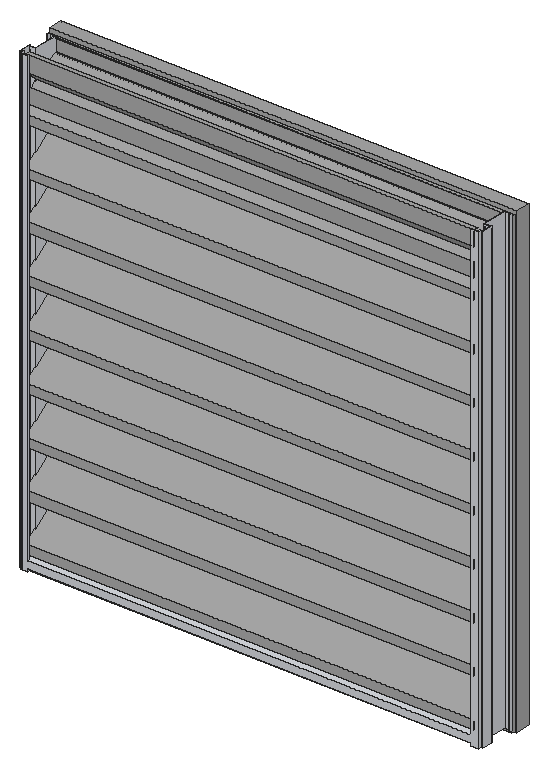
Revit family
Parameters
  Weight = "4 lb/sq.ft."  # constant formula
  Warranty = "All materials and workmanship are warranted for a period of 1 year from date of completion."  # constant formula
  URL = "http://www.industriallouvers.com"
  Surface Finish = "Aluminum, Anodized, or Kynar finish"  # constant formula
  Support Material = Aluminum
  Subcategory = "Fixed Extruded Non-Drainable "  # constant formula
  Static Pressure Loss = ".15\" of water gage @ an air flow of 893.2 FPM free area velocity"
  Specifications  URL = "http://www.industriallouvers.com/downloads/Extruded%20Non-Drainable/455XP_SD.doc"
  Screen Material = Screen Material
  SMARTBIM URL = "http://www.SMARTBIM.com"
  SMARTBIM Object Version = 3  # constant formula
  SMARTBIM Object Created By = "SMARTBIM, LLC"  # constant formula
  SMARTBIM Contact = "mailto:SMARTBIM@SMARTBIM.com"
  Product Submittal URL = "http://www.industriallouvers.com/downloads/Extruded%20Non-Drainable/455XP_PS.pdf"
  Product Page URL = "http://www.industriallouvers.com/lv_fend.php"
  Number of Blades [instance] = (Louver Height - 0' 5 1/2") / 0' 5"  # 9
  Model = "455XP "  # constant formula
  Minimum Height = 1' - 0"  # constant formula
  Maximum Water Penetration = ".01 oz at an air flow of 858.7 FPM"  # constant formula
  Maximum Size - Single Section [instance] = "One dimension not to exceed 78\" or 300 lbs"
  Material = "Aluminum"  # constant formula
  Manufacturer Toll Free Phone = "1-800-328-3421"  # constant formula
  Manufacturer Phone = "763-972-2981"  # constant formula
  Manufacturer Fax = "763-972-2911"  # constant formula
  Manufacturer Email = "mailto:ilinfo@industriallouvers.com"
  Manufacturer Address = "511 S. 7th Street, Delano, MN 55328"  # constant formula
  Manufacturer = "Industrial Louvers, Inc."  # constant formula
  Maintenance = "http://www.industriallouvers.com/prod-forms/Maintenance%20Instructions.pdf"
  Louver Width [instance] = 4' - 0"
  Louver Height [instance] = 4' - 0"
  Installation URL = "http://www.industriallouvers.com/downloads/Extruded%20Non-Drainable/455XP_II.pdf"
  Height [instance] = if(Louver Height < 1' 0", 1' 0", Louver Height)  # 4' - 0"
  Free Area for 48”x48” Louver = "52.4%"  # constant formula
  Free Area (ft²) for 48" x 48" Louver = "8.38"  # constant formula
  Frame Material = Aluminum
  Description = "Fixed Extruded Non-Drainable "  # constant formula
  Depth = 0' - 4"  # constant formula
  Default Elevation = 4' - 0"
  Cost Info = "Contact Factory"  # constant formula
  CAD Drawings = "http://www.industriallouvers.com/downloads/Extruded%20Non-Drainable/455XP_ACD.dwg"
  Blade Width [instance] = Louver Width - 0' 1 1/2"  # 3' - 10 1/2"
  Blade Start Height [instance] = (Louver Height - 0' 4 1/2" - Blade Region Height) / 2  # 0' - 1 3/4"
  Blade Region Height [instance] = (Blade Count - 1) * 0' 5"  # 3' - 4"
  Blade Material = Aluminum
  Blade Count [instance] = if(((Louver Height - 0' 5 1/2") / 0' 5") < 2, 2, (Louver Height - 0' 5 1/2") / 0' 5")  # 9
  Assembly Code = "B2010300"
  95 CSI = "10200"  # constant formula
  04 CSI = "08 91 00"  # constant formula
Reference planes (in)
  plane 1 "Center (Front/Back)": y = 0
  plane 2: z = 0
  plane 3 "Center (Left/Right)": x = 0
  plane 4: x = -24
  plane 5: x = 24
  plane 6: x = -23.25
  plane 7: x = 23.25
  plane 8 "Back of Blade": y = 2
  plane 9: z = 1.75
  plane 10: z = 41.75
  plane 11: z = 48.5
  plane 12 "Back of Screen": y = 2.345
  plane 13: z = 47
  plane 14: z = 1.5
  plane 15: y = 2.47
  plane 16: z = 48.375
  plane 17: z = 0.125
  plane 18: y = 3.845
  plane 19 "Front of Louver": y = -2
  plane 20: z = 48.25
  plane 21: z = 0.25
  plane 22: z = 21.75
  plane 23: x = -24.25
  plane 24: x = 24.25
  plane 25: z = 48
Forms (in)
  Extrusion 1, solid, material "Aluminum" <- "Blade Material"
    sketch origin (0, -24, 12.25956) x (0, 1, 0) y (0, 0, 1)
      loop
        line (22.081, 33.00458) -> (22.081, 31.47297) -> (24.00309, 33.76363) -> (26, 34.49044) -> (26, 35.99044) -> (25.75, 35.99044) -> (25.75, 35.90944) -> (25.919, 35.90944) -> (25.919, 34.54716) -> (23.95499, 33.83232) -> (23.39548, 33.16551) -> (22.162, 34.39899) -> (22.162, 35.90944) -> (22.581, 35.90944) -> (22.581, 35.99044) -> (22.081, 35.99044) -> (22.081, 34.36544) -> (23.34321, 33.10323) -> (22.162, 31.69551) -> (22.162, 32.92358) -> (22.081, 33.00458)
    from -23.25 to 23.25
  Sweep 2, solid, material "Aluminum" <- "Support Material"
    path origin (0, 0, 0) x (1, 0, 0) y (0, 0, 1)
      loop
        line (-24.25, 48.5) -> (-24.25, 0) -> (24.25, 0) -> (24.25, 48.5) -> (-24.25, 48.5)
    profile origin (0, 0, 48.5) x (0, 0, 1) y (0, -1, 0)
      loop
        line (-1.5, -2.345) -> (-1.5, -2.47) -> (-0.125, -2.47) -> (-0.125, -3.845) -> (0, -3.845) -> (0, -2.345) -> (-1.5, -2.345)
  Extrusion 3, solid
    sketch origin (-10, 22.75594, 29.61826) x (1, 0, 0) y (0, 1, 0)
      loop
        line (33.331, -20.83694) -> (33.919, -20.83694) -> (33.919, -21.00594) -> (34, -21.00594) -> (34, -20.75594) -> (33.25, -20.75594) -> (33.25, -23.46894) -> (33.919, -23.46894) -> (33.919, -24.42494) -> (33.669, -24.42494) -> (33.669, -24.67494) -> (33, -24.67494) -> (33, -24.75594) -> (33.75, -24.75594) -> (33.75, -24.50594) -> (34, -24.50594) -> (34, -23.32994)
        arc (34, -23.32994) -> (33.97, -23.29994) -> (33.94, -23.32994) r 0.03
        line (33.94, -23.32994) -> (33.94, -23.38794) -> (33.331, -23.38794) -> (33.331, -20.83694)
    from -29.36826 to 18.63174
  Extrusion 4, solid
    sketch origin (10, -22.75594, 29.61826) x (-1, 0, 0) y (0, -1, 0)
      loop
        line (33.331, -24.67494) -> (33.331, -22.12394) -> (33.94, -22.12394) -> (33.94, -22.18194)
        arc (33.94, -22.18194) -> (33.97, -22.21194) -> (34, -22.18194) r 0.03
        line (34, -22.18194) -> (34, -21.00594) -> (33.75, -21.00594) -> (33.75, -20.75594) -> (33, -20.75594) -> (33, -20.83694) -> (33.669, -20.83694) -> (33.669, -21.08694) -> (33.919, -21.08694) -> (33.919, -22.04294) -> (33.25, -22.04294) -> (33.25, -24.75594) -> (34, -24.75594) -> (34, -24.50594) -> (33.919, -24.50594) -> (33.919, -24.67494) -> (33.331, -24.67494)
    from -29.36826 to 18.63174
  Extrusion 5, solid
    sketch origin (0, 10.4294, 0.25) x (0, 1, 0) y (0, 0, 1)
      loop
        line (-10.9944, 1.30065) -> (-9.79367, 1.62238) -> (-9.3574, 1.62238) -> (-9.3574, 1.73928) -> (-8.5104, 1.96624) -> (-8.5104, 0.081) -> (-8.6794, 0.081) -> (-8.6794, 0) -> (-8.4294, 0) -> (-8.4294, 4.39621) -> (-8.80856, 4.01705) -> (-8.69401, 4.01705) -> (-8.5104, 4.20066) -> (-8.5104, 2.05009) -> (-12.42934, 1.00002) -> (-12.42934, 0.25) -> (-12.1794, 0.25) -> (-12.1794, 0) -> (-11.6794, 0) -> (-11.6794, 0.081) -> (-12.0984, 0.081) -> (-12.0984, 0.331) -> (-12.3484, 0.331) -> (-12.3484, 0.91406)
        arc (-12.3484, 0.91406) -> (-12.34199, 0.93293) -> (-12.32542, 0.944) r 0.031
        line (-12.32542, 0.944) -> (-11.43067, 1.18375) -> (-10.9944, 1.18375) -> (-10.9944, 1.30065)
    from -23.25 to 23.25
Cuts and joins
  joined: Extrusion 3, Extrusion 4, Extrusion 5
Dimensions and locks (in)
  equal spacing: plane 4, plane 3 "Center (Left/Right)", plane 5
  "Louver Width": plane 4 to plane 5
  locked: plane 4 to plane 6 at 0.75
  locked: plane 7 to plane 5 at 0.75
  "Blade Start Height": plane 9 to level
  "Louver Height": plane 20 to plane 21
  locked: plane 18 to plane 12 "Back of Screen" at 1.5
  locked: plane 15 to plane 12 "Back of Screen" at 0.125
  locked: plane 11 to plane 13 at 1.5
  locked: plane 11 to plane 16 at 0.125
  locked: plane 17 to level at 0.125
  locked: plane 14 to level at 1.5
  locked: plane 12 "Back of Screen" to plane 8 "Back of Blade" at 0.345
  equal spacing: plane 8 "Back of Blade", plane 1 "Center (Front/Back)", plane 19 "Front of Louver"
  locked: plane 8 "Back of Blade" to plane 19 "Front of Louver" at 4
  locked: plane 11 to plane 20 at 0.25
  locked: plane 21 to level at 0.25
  equal spacing: group 1, group 3, group 4, group 5, group 6, group 7, group 8, group 9, group 2  (x3)
  locked: plane 23 to plane 4 at 0.25
  locked: plane 5 to plane 24 at 0.25
  equal spacing: plane 10, plane 22, plane 9
  locked: plane 11 to plane 25 at 0.5
  "Blade Region Height": plane 10 to plane 9
  aligned and locked: Sweep 2 sketch curve to plane 11
  aligned and locked: Sweep 2 sketch curve to level
  aligned and locked: Sweep 2 to plane 12 "Back of Screen"
  aligned and locked: nested 1 to plane 12 "Back of Screen"
  aligned and locked: nested 1 to plane 8 "Back of Blade"
  aligned and locked: nested 1 to level
  aligned and locked: plane 5 to Extrusion 3
  aligned and locked: Extrusion 4 to plane 4
  aligned: plane 11 to Extrusion 3
  aligned and locked: Extrusion 1 to plane 20
  aligned and locked: Extrusion 1 to plane 8 "Back of Blade"
  aligned and locked: Extrusion 1 to plane 6
  aligned and locked: plane 7 to Extrusion 1
  aligned: Extrusion 3 to level
  aligned: Extrusion 4 to level
  aligned: plane 11 to Extrusion 4
  aligned and locked: plane 3 "Center (Left/Right)" to nested 2
  aligned and locked: nested 2 to plane 8 "Back of Blade"
  aligned and locked: plane 9 to nested 2
  aligned and locked: plane 10 to nested 3
  aligned and locked: plane 3 "Center (Left/Right)" to nested 4
  aligned and locked: nested 4 to plane 8 "Back of Blade"
  aligned: plane 3 "Center (Left/Right)" to nested 1
  aligned and locked: plane 22 to nested 4
  aligned and locked: Extrusion 5 to plane 6
  aligned and locked: plane 7 to Extrusion 5
  aligned and locked: cut or joined group of Extrusion 3, Extrusion 4, Extrusion 5 to plane 20  (x2)
  aligned and locked: plane 21 to cut or joined group of Extrusion 3, Extrusion 4, Extrusion 5  (x2)
  aligned and locked: plane 23 to Sweep 2 sketch curve
  aligned and locked: plane 24 to Sweep 2 sketch curve
  aligned and locked: plane 25 to nested 1
  aligned and locked: plane 5 to nested 1
  aligned and locked: nested 1 to plane 4
Automatic sketch dimensions
  Extrusion 3 sketch curve to Extrusion 3 sketch curve = 0' - 0.081"  (x7)
  Extrusion 3 sketch curve to Extrusion 3 sketch curve = 0' - 0.169"  (x3)
  Extrusion 3 sketch curve to Extrusion 3 sketch curve = 0' - 0.588"
  Extrusion 3 sketch curve to Extrusion 3 sketch curve = 0' - 0.021"
  Extrusion 3 sketch curve to Extrusion 3 sketch curve = 0' - 0.03"
  Extrusion 3 sketch curve to Extrusion 3 sketch curve = 0' - 0.956"
  Extrusion 3 sketch curve to Extrusion 3 sketch curve = 0' - 0.058"
  Extrusion 3 sketch curve to Extrusion 3 sketch curve = 0' - 2.324"
  Extrusion 3 sketch curve to Extrusion 3 sketch curve = 0' - 0 1/4"
  Extrusion 3 sketch curve to Extrusion 3 sketch curve = 0' - 0.669"
  Extrusion 4 sketch curve to Extrusion 4 sketch curve = 0' - 0.081"  (x7)
  Extrusion 4 sketch curve to Extrusion 4 sketch curve = 0' - 0.169"  (x3)
  Extrusion 4 sketch curve to Extrusion 4 sketch curve = 0' - 0.588"
  Extrusion 4 sketch curve to Extrusion 4 sketch curve = 0' - 0.021"
  Extrusion 4 sketch curve to Extrusion 4 sketch curve = 0' - 0.03"
  Extrusion 4 sketch curve to Extrusion 4 sketch curve = 0' - 0.956"
  Extrusion 4 sketch curve to Extrusion 4 sketch curve = 0' - 0.058"
  Extrusion 4 sketch curve to Extrusion 4 sketch curve = 0' - 2.324"
  Extrusion 4 sketch curve to Extrusion 4 sketch curve = 0' - 0 1/4"
  Extrusion 4 sketch curve to Extrusion 4 sketch curve = 0' - 0.669"
  profile plane to Sweep 2 sketch curve = 0' - 0"
  Sweep 2 sketch curve to Sweep 2 sketch curve = 0' - 0 1/8"  (x2)
  Sweep 2 sketch curve to Sweep 2 sketch curve = 0' - 1 3/8"  (x2)
  Sweep 2 sketch curve to plane 1 "Center (Front/Back)" = 0' - 3.845"
  Extrusion 1 sketch curve to Extrusion 1 sketch curve = 0' - 0.081"  (x6)
  Extrusion 1 sketch curve to Extrusion 1 sketch curve = 0' - 0.419"
  Extrusion 1 sketch curve to Extrusion 1 sketch curve = 0' - 1.18121"
  Extrusion 1 sketch curve to Extrusion 1 sketch curve = 0' - 0.05226"
  Extrusion 1 sketch curve to Extrusion 1 sketch curve = 0' - 0.55951"
  Extrusion 1 sketch curve to Extrusion 1 sketch curve = 0' - 0.0481"
  Extrusion 1 sketch curve to Extrusion 1 sketch curve = 0' - 1.79501"
  Extrusion 1 sketch curve to Extrusion 1 sketch curve = 0' - 0.169"
  Extrusion 1 sketch curve to Extrusion 1 sketch curve = 0' - 0.22255"
  Extrusion 1 sketch curve to Extrusion 1 sketch curve = 0' - 1.22807"
  Extrusion 1 sketch curve to Extrusion 1 sketch curve = 0' - 0.17964"
  Extrusion 1 sketch curve to Extrusion 1 sketch curve = 0' - 0.06229"
  Extrusion 1 sketch curve to Extrusion 1 sketch curve = 0' - 0.59811"
  Extrusion 1 sketch curve to Extrusion 1 sketch curve = 0' - 0.06869"
  Extrusion 1 sketch curve to Extrusion 1 sketch curve = 0' - 1.36086"
  Extrusion 1 sketch curve to Extrusion 1 sketch curve = 0' - 0.03355"
  Extrusion 1 sketch curve to Extrusion 1 sketch curve = 0' - 0.72682"
  Extrusion 1 sketch curve to Extrusion 1 sketch curve = 0' - 0.05672"
  Extrusion 1 sketch curve to Extrusion 1 sketch curve = 0' - 1.51045"
  Extrusion 1 sketch curve to Extrusion 1 sketch curve = 0' - 1.36228"
  Extrusion 1 sketch curve to Extrusion 1 sketch curve = 0' - 1.87399"
  plane 20 to Extrusion 1 sketch curve = 0' - 0"
  Extrusion 1 sketch curve to plane 8 "Back of Blade" = 0' - 0"
  plane 19 "Front of Louver" to Extrusion 3 sketch curve = 0' - 0"
  Extrusion 3 sketch curve to plane 7 = 0' - 0"
  plane 19 "Front of Louver" to Extrusion 4 sketch curve = 0' - 0"
  Extrusion 4 sketch curve to plane 6 = 0' - 0"
  Extrusion 5 sketch curve to Extrusion 5 sketch curve = 0' - 0.08094"
  Extrusion 5 sketch curve to Extrusion 5 sketch curve = 0' - 0.02298"
  Extrusion 5 sketch curve to Extrusion 5 sketch curve = 0' - 0.00802"
  Extrusion 5 sketch curve to Extrusion 5 sketch curve = 0' - 0.169"  (x3)
  Extrusion 5 sketch curve to Extrusion 5 sketch curve = 0' - 0.081"  (x5)
  Extrusion 5 sketch curve to Extrusion 5 sketch curve = 0' - 0.419"
  Extrusion 5 sketch curve to Extrusion 5 sketch curve = 0' - 0.43627"  (x2)
  Extrusion 5 sketch curve to Extrusion 5 sketch curve = 0' - 0.54884"
  Extrusion 5 sketch curve to Extrusion 5 sketch curve = 0' - 0.11455"
  Extrusion 5 sketch curve to Extrusion 5 sketch curve = 0' - 0.678"
  Extrusion 5 sketch curve to Extrusion 5 sketch curve = 0' - 0 47/256"  (x2)
  Extrusion 5 sketch curve to Extrusion 5 sketch curve = 0' - 0.1169"  (x2)
  Extrusion 5 sketch curve to Extrusion 5 sketch curve = 0' - 0.08386"
  Extrusion 5 sketch curve to Extrusion 5 sketch curve = 0' - 0.19555"
  Extrusion 5 sketch curve to Extrusion 5 sketch curve = 0' - 0.89475"
  Extrusion 5 sketch curve to Extrusion 5 sketch curve = 0' - 1.20073"
  Extrusion 5 sketch curve to Extrusion 5 sketch curve = 0' - 0"
  Extrusion 5 sketch curve to Extrusion 5 sketch curve = 0' - 0.58306"
  Extrusion 5 sketch curve to Extrusion 5 sketch curve = 0' - 0.05601"
  Extrusion 5 sketch curve to Extrusion 5 sketch curve = 0' - 1.10275"
  Extrusion 5 sketch curve to Extrusion 5 sketch curve = 0' - 0.32173"
  Extrusion 5 sketch curve to Extrusion 5 sketch curve = 0' - 0.22695"
  Extrusion 5 sketch curve to Extrusion 5 sketch curve = 0' - 1.96696"
  Extrusion 5 sketch curve to plane 21 = 0' - 0"
  Extrusion 5 sketch curve to plane 8 "Back of Blade" = 0' - 0"
Nested families (in)
  nested 1: "Louver Screen" at (18, 2, 0), type "Louver Screen"
    with Width 4' - 0", Height 4' - 0", Depth 0' - 0.345"
  nested 2: "Louver-Blade_455XP_IndustrialLouver" at (0, 2, 1.75), type "Louver-Blade_455XP_IndustrialLouver"
    with Width 3' - 10 1/2"
  nested 3: "Louver-Blade_455XP_IndustrialLouver" at (0, 2, 41.75), type "Louver-Blade_455XP_IndustrialLouver"
    with Width 3' - 10 1/2"
  nested 4: "Louver-Blade_455XP_IndustrialLouver" at (0, 2, 21.75), type "Louver-Blade_455XP_IndustrialLouver", not visible
    with Width 3' - 10 1/2"
  nested 5: "Louver-Blade_455XP_IndustrialLouver" at (0, 2, 6.75), type "Louver-Blade_455XP_IndustrialLouver"
    with Width 3' - 10 1/2"
  nested 6: "Louver-Blade_455XP_IndustrialLouver" at (0, 2, 11.75), type "Louver-Blade_455XP_IndustrialLouver"
    with Width 3' - 10 1/2"
  nested 7: "Louver-Blade_455XP_IndustrialLouver" at (0, 2, 16.75), type "Louver-Blade_455XP_IndustrialLouver"
    with Width 3' - 10 1/2"
  nested 8: "Louver-Blade_455XP_IndustrialLouver" at (0, 2, 21.75), type "Louver-Blade_455XP_IndustrialLouver"
    with Width 3' - 10 1/2"
  nested 9: "Louver-Blade_455XP_IndustrialLouver" at (0, 2, 26.75), type "Louver-Blade_455XP_IndustrialLouver"
    with Width 3' - 10 1/2"
  nested 10: "Louver-Blade_455XP_IndustrialLouver" at (0, 2, 31.75), type "Louver-Blade_455XP_IndustrialLouver"
    with Width 3' - 10 1/2"
  nested 11: "Louver-Blade_455XP_IndustrialLouver" at (0, 2, 36.75), type "Louver-Blade_455XP_IndustrialLouver"
    with Width 3' - 10 1/2"
Connectors (in)
  hvac at (0, 2.47, 24.25), driven by "Louver Height", driven by "Louver Width"
    settings: on Sweep 2, index 1
Definition of nested family "Louver Screen"
  Parameters (values of type "Louver Screen")
    Width [instance] = 2' - 0"
    Screen Frame = Aluminum
    Screen = Screen Material
    Height [instance] = 2' - 0"
    Depth [instance] = 0' - 0 115/256"
    Assembly Code = ""
  Reference planes (in)
    plane 1 "Front": y = 0
    plane 2: z = 0
    plane 3 "Center (Left/Right)": x = -18
    plane 4: x = -30
    plane 5: x = -6
    plane 6: z = 24
    plane 7: x = -29.25
    plane 8: x = -6.75
    plane 9: z = 23.25
    plane 10: z = 0.75
    plane 11 "Back": y = 0.44922
    plane 12 "Center (Front/Back)": y = 0.22461
    plane 13: y = 0.19336
    plane 14: y = 0.25586
  Forms (in)
    Sweep 1, solid, material "Aluminum" <- "Screen Frame"
      path origin (0, 0, 0) x (1, 0, 0) y (0, 0, 1)
        loop
          line (-30, 24) -> (-30, 0) -> (-6, 0) -> (-6, 24) -> (-30, 24)
      profile origin (-18, 0, 24) x (0, 0, 1) y (0, -1, 0)
        loop
          line (0, 0) -> (-0.75, 0) -> (-0.75, -0.44922) -> (0, -0.44922) -> (0, 0)
    Extrusion 2, solid, material "Screen Material" <- "Screen"
      sketch origin (0, 0, 0) x (1, 0, 0) y (0, 0, 1)
        loop
          line (-29.25, 0.75) -> (-6.75, 0.75) -> (-6.75, 23.25) -> (-29.25, 23.25) -> (-29.25, 0.75)
      from -0.19336 to -0.25586
  Dimensions and locks (in)
    equal spacing: plane 4, plane 3 "Center (Left/Right)", plane 5
    "Width": plane 4 to plane 5
    locked: Sweep 1 sketch curve to Sweep 1 sketch curve at 0.75
    locked: plane 6 to plane 9 at 0.75
    locked: plane 4 to plane 7 at 0.75
    locked: plane 5 to plane 8 at 0.75
    locked: plane 10 to level at 0.75
    "Depth": plane 1 "Front" to plane 11 "Back"
    equal spacing: plane 1 "Front", plane 12 "Center (Front/Back)", plane 11 "Back"
    plane 14 to plane 12 "Center (Front/Back)" to plane 13 = 0' - 0 1/32" locked, 0' - 0 1/32" locked
    "Height": plane 6 to plane 2
    aligned and locked: Sweep 1 sketch curve to plane 6
    aligned and locked: Sweep 1 sketch curve to plane 4
    aligned and locked: Sweep 1 sketch curve to level
    aligned and locked: Sweep 1 sketch curve to plane 5
    aligned and locked: Extrusion 2 sketch curve to plane 7
    aligned and locked: Extrusion 2 sketch curve to plane 9
    aligned and locked: Extrusion 2 sketch curve to plane 10
    aligned and locked: Extrusion 2 sketch curve to plane 8
    aligned and locked: plane 11 "Back" to Sweep 1
    aligned and locked: plane 1 "Front" to Sweep 1 sketch curve
    aligned and locked: plane 11 "Back" to Sweep 1 sketch curve
    aligned and locked: plane 14 to Extrusion 2
    aligned and locked: Extrusion 2 to plane 13
    aligned and locked: plane 2 to level
  Automatic sketch dimensions
    profile plane to Sweep 1 sketch curve = 0' - 0"
Definition of nested family "Louver-Blade_455XP_IndustrialLouver"
  Parameters (values of type "Louver-Blade_455XP_IndustrialLouver")
    Width = 3' - 4 1/2"
    Blade Material = Aluminum
    Assembly Code = ""
  Reference planes (in)
    plane 1 "Center (Front/Back)": y = 0
    plane 2: z = 0
    plane 3 "Center (Left/Right)": x = 0
    plane 4: x = -20.25
    plane 5: x = 20.25
    plane 6: z = 5.18269
    plane 7: z = 2.59135
  Forms (in)
    Extrusion 1, solid, material "Aluminum" <- "Blade Material"
      sketch origin (0, 0, 0) x (0, 1, 0) y (0, 0, 1)
        loop
          line (-1, 3.19545) -> (-3.919, 0.95562) -> (-3.919, 0) -> (-3.838, 0.06797) -> (-3.838, 0.91568) -> (-0.919, 3.15551) -> (-0.919, 3.59289) -> (0, 4.29806) -> (0, 5.17347) -> (-0.22062, 4.95285) -> (-0.22062, 4.8383) -> (-0.081, 4.97792) -> (-0.081, 4.33801) -> (-1.25, 3.441) -> (-1.25, 3.3389) -> (-1, 3.53074) -> (-1, 3.19545)
      from -20.25 to 20.25
  Dimensions and locks (in)
    equal spacing: plane 4, plane 3 "Center (Left/Right)", plane 5
    "Width": plane 4 to plane 5
    locked: plane 6 to level at 5.18269
    equal spacing: plane 6, plane 7, level
    aligned and locked: Extrusion 1 to plane 4
    aligned and locked: plane 5 to Extrusion 1
  Automatic sketch dimensions
    Extrusion 1 sketch curve to level = 0' - 0"
    plane 1 "Center (Front/Back)" to Extrusion 1 sketch curve = 0' - 0.081"
    Extrusion 1 sketch curve to Extrusion 1 sketch curve = 0' - 0.13962"
    level to Extrusion 1 sketch curve = 0' - 0.06797"
    plane 1 "Center (Front/Back)" to Extrusion 1 sketch curve = 0' - 3.838"
    Extrusion 1 sketch curve to Extrusion 1 sketch curve = 0' - 0.081"  (x2)
    Extrusion 1 sketch curve to Extrusion 1 sketch curve = 0' - 0.84771"
    Extrusion 1 sketch curve to Extrusion 1 sketch curve = 0' - 0.03994"  (x3)
    Extrusion 1 sketch curve to Extrusion 1 sketch curve = 0' - 1.64285"
    Extrusion 1 sketch curve to Extrusion 1 sketch curve = 0' - 0.11455"
    Extrusion 1 sketch curve to Extrusion 1 sketch curve = 0' - 0.02507"
    Extrusion 1 sketch curve to Extrusion 1 sketch curve = 0' - 0.19555"
    plane 1 "Center (Front/Back)" to Extrusion 1 sketch curve = 0' - 1 1/4"
    Extrusion 1 sketch curve to Extrusion 1 sketch curve = 0' - 0 1/4"
    Extrusion 1 sketch curve to plane 7 = 0' - 0.56416"
    Extrusion 1 sketch curve to Extrusion 1 sketch curve = 0' - 0.14345"
    Extrusion 1 sketch curve to Extrusion 1 sketch curve = 0' - 0.1021"
    Extrusion 1 sketch curve to Extrusion 1 sketch curve = 0' - 0.08973"
    Extrusion 1 sketch curve to Extrusion 1 sketch curve = 0' - 0.06215"
    Extrusion 1 sketch curve to Extrusion 1 sketch curve = 0' - 1.1825"
    plane 1 "Center (Front/Back)" to Extrusion 1 sketch curve = 0' - 0"
